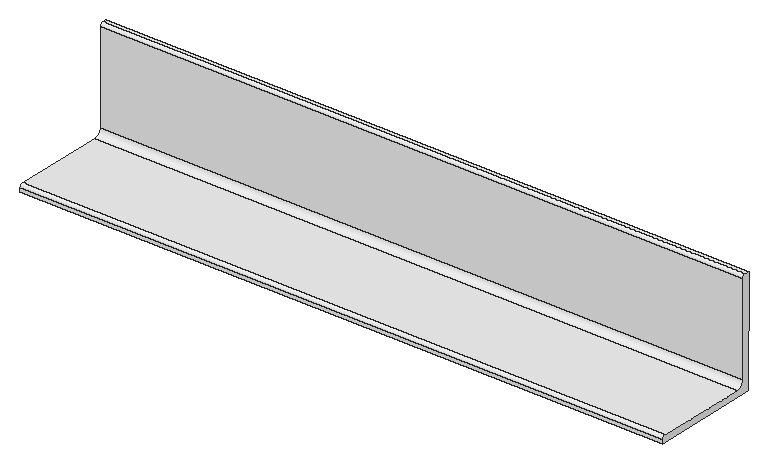
Revit family "7f1fe19435cf400c8566ab6ce997bec4", category Structural Framing, Revit 2023
Family settings
  Structural Framing Length Roundoff = 0.10 mm
  Section Shape = L-angle
  Material for Model Behavior = Steel
  Always export as geometry = No
  Family Name Key = M_L Equal Angles
  Code Name = AISC 14.1
  OmniClass Number = 23.25.30.11.14.14
  OmniClass Title = Beams
  Seek Item ID = L-Equal Angle-0000-CAN-ENU
  Always vertical = Yes
  Cut with Voids When Loaded = No
  Symbolic Representation = From Project Settings
  Shared = No
  Show family pre-cut in plan views = Yes
Parameters (values of type "L203X203X12.7")
  Width = 203.00 mm
  Web Thickness = 12.70 mm
  Web Fillet = 12.700 mm
  Warping Constant = 0.000001081 (stored number, unit not read)
  Torsional Moment of Inertia = 284000.00 mm⁴
  Top Web Fillet = 6.350 mm
  Structural Material [instance] = Steel, 45-345
  Section Name Key = ""
  Section Area = 5060.0 mm²
  Principal Axes Angle = 45.00°
  Plastic Modulus weak axis = 247000.0 mm³
  Plastic Modulus strong axis = 247000.0 mm³
  Perimeter = 2.6509 (stored number, unit not read)
  Nominal Weight = 39.2999 kgf/m
  Moment of Inertia weak axis = 20300000.00 mm⁴
  Moment of Inertia strong axis = 20300000.00 mm⁴
  Length [instance] = 1524.00 mm
  Height = 203.00 mm
  Flange Thickness = 12.700 mm
  Flange Fillet = 6.350 mm
  Elastic Modulus weak axis = 137000.0 mm³
  Elastic Modulus strong axis = 137000.0 mm³
  Centroid Vertical = 55.10 mm
  Centroid Horizontal = 55.10 mm
  Bolt Spacing Shorter Flange = 114.300 mm
  Bolt Spacing 2 Longer Flange = 0.000 mm
  Bolt Spacing 1 Longer Flange = 114.300 mm
Reference planes
  plane 1 "Center (Front/Back)": y = 0
  plane 2: z = 0
  plane 3 "Center (Left/Right)": x = 4.61
  plane 4 "Member Left": x = -604.99
  plane 5 "Member Right": x = 614.21
  plane 6: y = 55.1
  plane 7: y = -147.9
  plane 8: z = -55.1
  plane 9 "Left": x = -757.39
  plane 10 "Right": x = 766.61
  plane 11: z = 147.9
Forms (mm)
  Sweep 1, solid, material "Steel, 45-345" <- "Structural Material", detail levels fine
    path origin (0, 0, 0) x (1, 0, 0) y (0, 1, 0)
      loop
        line (-604.99, 0) -> (614.21, 0)
    profile "M_L-Angle-Profile-Fine : M_L-Angle-Profile-Fine" origin (4.61, 0, 0) x (0, 1, 0) y (0, 0, 1)
      loop
        line (55.1, 147.9) -> (48.75, 147.9)
        arc (48.75, 147.9) -> (44.26, 146.04) -> (42.4, 141.55) r 6.35
        line (42.4, 141.55) -> (42.4, -29.7)
        arc (42.4, -29.7) -> (38.68, -38.68) -> (29.7, -42.4) r 12.7
        line (29.7, -42.4) -> (-141.55, -42.4)
        arc (-141.55, -42.4) -> (-146.04, -44.26) -> (-147.9, -48.75) r 6.35
        line (-147.9, -48.75) -> (-147.9, -55.1) -> (55.1, -55.1) -> (55.1, 147.9)
  Sweep 2, solid, material "Steel, 45-345" <- "Structural Material", detail levels medium
    path origin (0, 0, 0) x (1, 0, 0) y (0, 1, 0)
      loop
        line (-604.99, 0) -> (614.21, 0)
    profile "M_L-Angle-Profile-Medium : M_L-Angle-Profile-Medium" origin (4.61, 0, 0) x (0, 1, 0) y (0, 0, 1)
      loop
        line (55.1, 147.9) -> (42.4, 147.9) -> (42.4, -42.4) -> (-147.9, -42.4) -> (-147.9, -55.1) -> (55.1, -55.1) -> (55.1, 147.9)
Lines and regions (mm)
  symbolic lines, style "Hidden Faces", detail levels medium+fine
    curve 1: line (-604.99, 0, -42.4) -> (614.21, 0, -42.4)
    curve 2: line (-604.99, 42.4, 0) -> (614.21, 42.4, 0)
  symbolic lines, style "Stick Symbols", detail levels coarse
    curve 3: line (4.61, 55.1, -55.1) -> (4.61, -147.9, -55.1)
    curve 4: line (4.61, 55.1, 147.9) -> (4.61, 55.1, -55.1)
Dimensions and locks
  "Width": plane 6 to plane 7
  "Centroid Horizontal": plane 6 to plane 1 "Center (Front/Back)"
  "Length": plane 9 "Left" to plane 10 "Right"
  "Web Thickness": plane 6 to curve 2
  "Centroid Vertical": plane 8 to level
  "Height": plane 8 to plane 11
  aligned and locked: plane 4 "Member Left" to curve 2
  aligned and locked: plane 5 "Member Right" to curve 2
  aligned and locked: plane 4 "Member Left" to curve 1
  aligned and locked: plane 5 "Member Right" to curve 1
  aligned and locked: plane 5 "Member Right" to Sweep 1 sketch curve
  aligned and locked: plane 1 "Center (Front/Back)" to Sweep 1 sketch curve
  aligned and locked: plane 4 "Member Left" to Sweep 1 sketch curve
  aligned and locked: plane 4 "Member Left" to Sweep 2 sketch curve
  aligned and locked: plane 1 "Center (Front/Back)" to Sweep 2 sketch curve
  aligned and locked: plane 5 "Member Right" to Sweep 2 sketch curve
  aligned and locked: plane 8 to curve 3
  aligned and locked: plane 7 to curve 3
  aligned and locked: plane 6 to curve 4
  aligned and locked: plane 11 to curve 4
  aligned and locked: curve 1 to Sweep 2
